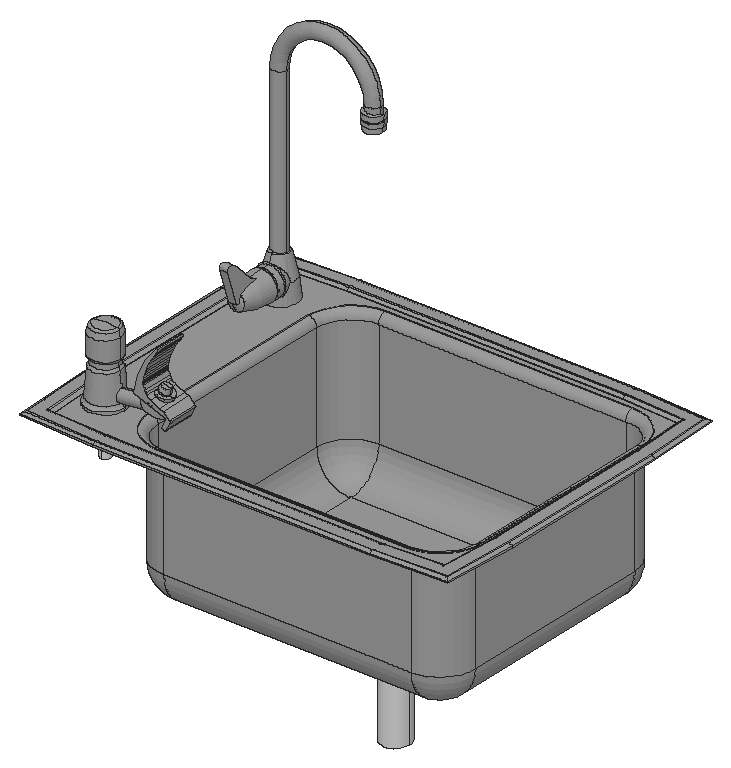
Revit family "equip-sink-clsrm-elkay-s-lustrtne-drkr2217l-vrc", category Plumbing Fixtures, Revit 2019 (continued)
Definition of nested family "equip-bubbler-elkay-LK1141A"
  Automatic sketch dimensions
    plane 8 "Masking Region" to Extrusion 4 sketch curve = 0' - 0.50139"
    Extrusion 4 sketch curve to Extrusion 4 sketch curve = 0' - 0.06529"
    Extrusion 4 sketch curve to Extrusion 4 sketch curve = 0' - 0.05449"
    plane 8 "Masking Region" to Extrusion 4 sketch curve = 0' - 0.58523"
    Extrusion 4 sketch curve to Extrusion 4 sketch curve = 0' - 0.04973"
    Extrusion 4 sketch curve to Extrusion 4 sketch curve = 0' - 0.04077"
    Extrusion 4 sketch curve to Extrusion 4 sketch curve = 0' - 0.03095"
    plane 8 "Masking Region" to Extrusion 4 sketch curve = 0' - 0.79129"
    Extrusion 4 sketch curve to Extrusion 4 sketch curve = 0' - 0.0691"
    Extrusion 4 sketch curve to Extrusion 4 sketch curve = 0' - 0.02318"
    plane 8 "Masking Region" to Extrusion 4 sketch curve = 0' - 0.99254"
    Extrusion 4 sketch curve to Extrusion 4 sketch curve = 0' - 0.00573"
    plane 8 "Masking Region" to Extrusion 4 sketch curve = 0' - 0.84887"
    Extrusion 4 sketch curve to Extrusion 4 sketch curve = 0' - 0.00775"
    plane 8 "Masking Region" to Extrusion 4 sketch curve = 0' - 0.94879"
    Extrusion 4 sketch curve to Extrusion 4 sketch curve = 0' - 0.00346"
    plane 8 "Masking Region" to Extrusion 4 sketch curve = 0' - 0.90116"
    Extrusion 4 sketch curve to Extrusion 4 sketch curve = 0' - 0.00067"
    plane 8 "Masking Region" to Extrusion 4 sketch curve = 0' - 0.29542"
    Extrusion 4 sketch curve to Extrusion 4 sketch curve = 0' - 0.54782"
    Extrusion 4 sketch curve to Extrusion 4 sketch curve = 0' - 0.037"
    Extrusion 4 sketch curve to Extrusion 4 sketch curve = 0' - 0.01821"
    Extrusion 4 sketch curve to Extrusion 4 sketch curve = 0' - 0.08332"
    Extrusion 4 sketch curve to Extrusion 4 sketch curve = 0' - 0.04079"
    Extrusion 4 sketch curve to Extrusion 4 sketch curve = 0' - 0.11952"
    Extrusion 4 sketch curve to Extrusion 4 sketch curve = 0' - 0.1288"
    Extrusion 4 sketch curve to Extrusion 4 sketch curve = 0' - 0.13956"
    Extrusion 4 sketch curve to Extrusion 4 sketch curve = 0' - 0.15222"
    Extrusion 4 sketch curve to Extrusion 4 sketch curve = 0' - 0 33/128"
    Extrusion 4 sketch curve to Extrusion 4 sketch curve = 0' - 0.2453"
    Extrusion 4 sketch curve to Extrusion 4 sketch curve = 0' - 0.2277"
    Extrusion 4 sketch curve to Extrusion 4 sketch curve = 0' - 0.02776"
    Extrusion 4 sketch curve to Extrusion 4 sketch curve = 0' - 0.0293"
    Extrusion 4 sketch curve to Extrusion 4 sketch curve = 0' - 0.02797"
    Extrusion 4 sketch curve to Extrusion 4 sketch curve = 0' - 0.02645"
    Extrusion 4 sketch curve to Extrusion 4 sketch curve = 0' - 0.1387"
    Extrusion 4 sketch curve to Extrusion 4 sketch curve = 0' - 0.03586"
    Extrusion 4 sketch curve to Extrusion 4 sketch curve = 0' - 0.01837"
    plane 8 "Masking Region" to Revolve 3 sketch curve = 0' - 0.60143"
    Revolve 3 sketch curve to plane 6 = 0' - 2.55789"
    plane 8 "Masking Region" to Revolve 3 sketch curve = 0' - 0.67547"
    Revolve 3 sketch curve to Revolve 3 sketch curve = 0' - 0.20343"
    plane 8 "Masking Region" to Revolve 3 sketch curve = 0' - 0.00034"
    Revolve 3 sketch curve to Revolve 3 sketch curve = 0' - 0.21399"
    plane 8 "Masking Region" to Revolve 3 sketch curve = 0' - 0.48632"
    Revolve 3 sketch curve to Revolve 3 sketch curve = 0' - 0.13244"
    Revolve 3 sketch curve to plane 8 "Masking Region" = 0' - 0.41205"
    Revolve 3 sketch curve to Revolve 3 sketch curve = 0' - 0.14681"
    plane 8 "Masking Region" to Revolve 3 sketch curve = 0' - 0.41207"
    Revolve 3 sketch curve to Revolve 3 sketch curve = 0' - 0.02702"
    Revolve 3 sketch curve to plane 8 "Masking Region" = 0' - 0.52147"
    Revolve 3 sketch curve to Revolve 3 sketch curve = 0' - 0.03895"
    plane 8 "Masking Region" to Revolve 3 sketch curve = 0' - 0.47756"
    plane 8 "Masking Region" to Revolve 3 sketch curve = 0' - 0.18859"
    Revolve 3 sketch curve to plane 8 "Masking Region" = 0' - 0.54909"
    Revolve 3 sketch curve to Revolve 3 sketch curve = 0' - 0.27066"
    plane 8 "Masking Region" to Revolve 3 sketch curve = 0' - 0.2938"
    Revolve 3 sketch curve to plane 8 "Masking Region" = 0' - 0.13403"
    Revolve 3 sketch curve to Revolve 3 sketch curve = 0' - 0.15571"
    radius of Sweep 2 sketch curve = 0' - 0 5/16"
    radius of curve 4 = 0' - 0.75014"
  Connectors (in)
    piping at (0, 0, -2.396449), diameter 0.5, driven by "Nominal Radius", driven by "CW Flow Rate"
      settings: on Extrusion 5, index 1, connector inside diameter 1/2", connector length 0' - 0", flow factor 0, pipe flow 2 GPM, pressure drop 0.00 psi, fitting loss kfactor 0, connector angle 0.00°, fixture units 0, engagement length 0' - 0", angle of deflection 0.00°, flow configuration 1, flow direction 1, fitting loss method 0, system type 29, joint type 0, gender type 0, connector reference index -1, connector utility 0, adjustable connector no, is connector primary yes, connector description "Cold Water Supply"
Definition of nested family "equip-faucet-elkay-LKD208513-L"
  Parameters
    Type Comments = ""
    Stem Material = none
    OmniClass Title = "Mixing Faucets"
    OmniClass Code = "23.45.55.17"
    Nominal Radius = Nominal Dia / 2  # 0' - 0 3/16"
    Nominal Dia = 0' - 0 3/8"
    Model = ""
    MasterFormat Title = "Commercial Faucets"
    MasterFormat Number = "22 42 39"
    Manufacturer = "Elkay"
    Keynote = ""
    HW Flow Rate = 2 GPM
    Faucet Material = none
    Description = ""
    Default Elevation = 3' - 0"
    Cost = 0
    CW Flow Rate = 2 GPM
    Assembly Code = "D2010900"
  Reference planes (in)
    plane 1 "Center (Front/Back)": y = 0
    plane 2 "Sink Deck": z = 0
    plane 3 "Center (Left/Right)": x = 0
    plane 4 "Bottom of Stem": z = -2.12225
    plane 5 "Masking Region": z = 1.25
    plane 6 "CL Back Conn": y = 0.2499908
    plane 7 "CL Front Conn": y = -0.2500092
    plane 8 "Back": y = 0.8717634
    plane 9 "Front": y = -0.8748039
    plane 10 "Right": x = 2.8962735
    plane 11 "Left": x = -2.8962735
  Forms (in)
    Sweep 1, solid, material <- "Faucet Material"
      path origin (0, 0, 0) x (0, 1, 0) y (0, 0, 1)
        loop
          line (0, 2.125) -> (0, 10.3750001)
          arc (0, 10.3750001) -> (-2.3752703, 12.75) -> (-4.7499999, 10.3744594) r 2.375
          line (-4.7499999, 10.3744594) -> (-4.7499999, 9.5941003)
      profile origin (0, 0, 6.25) x (0, -1, 0) y (1, 0, 0)
        loop
          circle (0, 0) r 0.375
    Revolve 2, solid, material <- "Faucet Material"
      sketch origin (0, 0, 0) x (1, 0, 0) y (0, 0, 1)
        loop
          line (0, 2.232) -> (0, 0) -> (0.8752501, 0)
          arc (0.8752501, 0) -> (0.8420182, 0.4847188) -> (0.7752433, 0.9659649) r 7
          arc (0.7752433, 0.9659649) -> (0.6469792, 1.5520504) -> (0.4690001, 2.125) r 7
          line (0.4690001, 2.125) -> (0.29525, 2.232) -> (0, 2.232)
        axis (0, 2.232) -> (0, 0)
      angle from 0 to 360
    Revolve 3, solid, material <- "Faucet Material"
      sketch origin (0, 0, 0) x (0, 1, 0) y (0, 0, 1)
        loop
          line (-4.7499999, 10.1878591) -> (-5.0554325, 10.1878591)
          arc (-5.0554325, 10.1878591) -> (-5.1404736, 10.0854811) -> (-5.2659999, 10.0412501) r 0.25
          line (-5.2659999, 10.0412501) -> (-5.266, 9.8112501) -> (-5.1775, 9.8112501) -> (-5.1775, 9.7152501) -> (-5.2625, 9.7152501) -> (-5.2625, 9.5302501) -> (-5.2307425, 9.5302501) -> (-5.2307425, 9.2652501) -> (-4.7499999, 9.2652501) -> (-4.7499999, 10.1878591)
        axis (-4.7499999, 10.1878591) -> (-4.7499999, 9.2652501)
      angle from 0 to 360
    Extrusion 4, solid, material <- "Stem Material"
      sketch origin (0, 0, 0) x (1, 0, 0) y (0, 1, 0)
        loop
          circle (0, -0.2500092) r 0.1875
      from -2.12225 to 0
    Extrusion 5, solid, material <- "Faucet Material"
      sketch origin (0, 0, 0) x (1, 0, 0) y (0, 0, 1)
        loop
          spline (-2.8962735, 2.6289157) -> (-2.9779129, 2.7023092) -> (-3.0612746, 2.7664581) -> (-3.143882, 2.8194563) -> (-3.2232804, 2.859729) -> (-3.2971108, 2.8860797) -> (-3.3631795, 2.8977255) -> (-3.4195233, 2.8943201) -> (-3.4644682, 2.875965) -> (-3.4966788, 2.8432054) -> (-3.5151979, 2.7970148) -> (-3.5194754, 2.7387654) -> (-3.5093841, 2.6701882)
          arc (-3.5093841, 2.6701882) -> (-3.2673467, 1.8076982) -> (-2.9532815, 0.96875) r 10.589852
          line (-2.9532815, 0.96875) -> (-1.7211454, 0.96875) -> (-1.7211454, 1.6265447) -> (-1.9586423, 1.7097506)
          arc (-1.9586423, 1.7097506) -> (-2.0664564, 1.762824) -> (-2.1584935, 1.8400887) r 0.5
          line (-2.1584935, 1.8400887) -> (-2.8962735, 2.6289157)
      from -0.2070313 to 0.2070313
    Revolve 6, solid, material <- "Faucet Material"
      sketch origin (0, 0, 0) x (1, 0, 0) y (0, 0, 1)
        loop
          line (-2.9532815, 0.96875) -> (-1.02025, 0.96875) -> (-1.02025, 1.49375) -> (-1.1349999, 1.49375) -> (-1.1349999, 1.73375)
          arc (-1.1349999, 1.73375) -> (-1.9602788, 1.6454009) -> (-2.7555227, 1.40775) r 4.5234572
          arc (-2.7555227, 1.40775) -> (-2.8568974, 1.189374) -> (-2.9532815, 0.96875) r 10.589852
        axis (-2.9532815, 0.96875) -> (-1.02025, 0.96875)
      angle from 0 to 360
    Extrusion 7, solid, material <- "Stem Material"
      sketch origin (0, 0, 0) x (1, 0, 0) y (0, 1, 0)
        loop
          circle (0, 0.2499908) r 0.1875
      from -2.12225 to 0
    Revolve 8, solid, material <- "Faucet Material"
      sketch origin (0, 0, 0) x (1, 0, 0) y (0, 0, 1)
        loop
          line (-1.02025, 0.96875) -> (0, 0.96875) -> (0, 1.6286896) -> (-0.5804985, 1.7627082)
          arc (-0.5804985, 1.7627082) -> (-0.615052, 1.7310048) -> (-0.660637, 1.7200021) r 0.09375
          arc (-0.660637, 1.7200021) -> (-0.840466, 1.7205601) -> (-1.02025, 1.7164984) r 7
          line (-1.02025, 1.7164984) -> (-1.02025, 0.96875)
        axis (-1.02025, 0.96875) -> (0, 0.96875)
      angle from 0 to 360
  Cuts and joins
    joined: Extrusion 5, Revolve 6
    joined: Revolve 2, Revolve 8
  Lines and regions (in)
    Masking region 1
      outline origin (0, 0, 1.25) x (0, -1, 0) y (1, 0, 0)
        loop
          arc (0.7920052, 0.3718698) -> (-0.8717634, -0.0008665) -> (0.7927429, -0.3702945) r 0.8734425
          arc (0.7927429, -0.3702945) -> (0.8748039, 0.0008696) -> (0.7920052, 0.3718698) r 0.876483
    Masking region 2
      outline origin (0, 0, 1.25) x (0, -1, 0) y (1, 0, 0)
        loop
          arc (0, 0.375) -> (-0.375, 0) -> (0, -0.375) r 0.375
          line (0, -0.375) -> (4.4325976, -0.375)
          arc (4.4325976, -0.375) -> (5.271116, 0) -> (4.4325976, 0.375) r 0.5031124
          line (4.4325976, 0.375) -> (0, 0.375)
    Masking region 3
      outline origin (0, 0, 1.25) x (0, -1, 0) y (1, 0, 0)
        loop
          line (0.525, -1.02025) -> (0.748021, -1.02025) -> (0.7508321, -0.6354943)
          arc (0.7508321, -0.6354943) -> (0.7633642, -0.5985315) -> (0.7954714, -0.5763407) r 0.0621162
          line (0.7954714, -0.5763407) -> (0.7688415, -0.3997583)
          arc (0.7688415, -0.3997583) -> (-0.0004519, -0.8667545) -> (-0.768544, -0.397785) r 0.8653064
          line (-0.768544, -0.397785) -> (-0.7954714, -0.5763407)
          arc (-0.7954714, -0.5763407) -> (-0.7633642, -0.5985315) -> (-0.7508321, -0.6354943) r 0.0621162
          line (-0.7508321, -0.6354943) -> (-0.748021, -1.02025) -> (-0.525, -1.02025) -> (-0.525, -1.1349999) -> (-0.765, -1.1349999)
          arc (-0.765, -1.1349999) -> (-0.6767038, -1.9602911) -> (-0.4389654, -2.7555157) r 4.5192596
          line (-0.4389654, -2.7555157) -> (-0.2070313, -2.8630131) -> (0.2070313, -2.8630131) -> (0.4389654, -2.7555157)
          arc (0.4389654, -2.7555157) -> (0.6767038, -1.9602911) -> (0.765, -1.1349999) r 4.5192596
          line (0.765, -1.1349999) -> (0.525, -1.1349999) -> (0.525, -1.02025)
    Masking region 4
      outline origin (0, 0, 1.25) x (0, -1, 0) y (1, 0, 0)
        loop
          line (0.2070313, -3.5197715) -> (0.2070313, -1.4017801) -> (-0.2070312, -1.4017801) -> (-0.2070312, -3.5197715) -> (0.2070313, -3.5197715)
    reference lines, not visible
      curve 1: line (0, 0, 0.2813991) -> (0, 0, 2.8483181)
      curve 2: line (0, 0, 2.4508523) -> (0, 0, 0.2813991)
      curve 3: line (0, 0, 2.4508523) -> (0, 0, 0.2813991)
      curve 4: line (0, 0, 7.0063991) -> (0, 0, 0.2813991)
      curve 5: line (0, 0, 6.2563991) -> (0, 0, 0.2813991)
      curve 6: line (0, 0, 2.6763937) -> (0, 0, 1.3263991)
      curve 7: line (0, 0, 2.9662485) -> (0, 0, 0.2813991)
      curve 8: line (0, 0, 3.4210792) -> (0, 0, 0.2813991)
      curve 10: line (0, 0, 0.2813991) -> (0, 0, 2.8483181)
      curve 11: line (0, 0, 2.4508523) -> (0, 0, 0.2813991)
      curve 12: line (0, 0, 2.4508523) -> (0, 0, 0.2813991)
      curve 13: line (0, 0, 7.0063991) -> (0, 0, 0.2813991)
      curve 14: line (0, 0, 6.2563991) -> (0, 0, 0.2813991)
      curve 15: line (0, 0, 2.6763937) -> (0, 0, 1.3263991)
      curve 16: line (0, 0, 2.9662485) -> (0, 0, 0.2813991)
      curve 17: line (0, 0, 3.4210792) -> (0, 0, 0.2813991)
    symbolic lines
      curve 9: arc (0.375, -0.3283046, 1.25) -> (0, 0.4984063, 1.25) -> (-0.375, -0.3283046, 1.25) r 0.4984063
      curve 18: line (-0.5756114, -0.7954714, 1.25) -> (-0.5756114, -0.6480323, 1.25)
      curve 19: line (-1.02025, 0.525, 1.25) -> (-1.02025, -0.525, 1.25)
      curve 20: line (-1.1349999, 0.525, 1.25) -> (-1.1349999, -0.525, 1.25)
      curve 21: line (-0.5756114, 0.7954714, 1.25) -> (-0.5756114, 0.6480323, 1.25)
      curve 24: line (0.375, -4.7693411, 0) -> (0.375, -4.4325976, 0)
      curve 25: arc (-0.375, -4.7693411, 0) -> (0, -5.1443411, 0) -> (0.375, -4.7693411, 0) r 0.375
      curve 26: line (-0.375, -4.4325976, 0) -> (-0.375, -4.7693411, 0)
    reference lines
      curve 22: circle (0, 0.2499908, 0) r 0.1875 normal (0, 0, 1)
      curve 23: circle (0, -0.2500092, 0) r 0.1875 normal (0, 0, 1)
  Dimensions and locks (in)
    locked: plane 5 "Masking Region" to plane 2 "Sink Deck" at 1.25
    "Nominal Radius": radius of curve 22
    "Nominal Radius": radius of curve 23
    aligned and locked: Extrusion 4 sketch curve to curve 23
    aligned and locked: Extrusion 7 sketch curve to curve 22
    aligned and locked: Extrusion 7 to plane 4 "Bottom of Stem"
    aligned and locked: Extrusion 4 to plane 4 "Bottom of Stem"
    aligned and locked: plane 2 "Sink Deck" to Extrusion 7
    aligned and locked: plane 2 "Sink Deck" to Extrusion 4
  Automatic sketch dimensions
    curve 23 to plane 3 "Center (Left/Right)" = 0' - 0"
    curve 22 to plane 3 "Center (Left/Right)" = 0' - 0"
    curve 23 to plane 7 "CL Front Conn" = 0' - 0"
    curve 22 to plane 6 "CL Back Conn" = 0' - 0"
    curve 1 to plane 1 "Center (Front/Back)" = 0' - 0"
    curve 2 to plane 1 "Center (Front/Back)" = 0' - 0"
    curve 3 to plane 1 "Center (Front/Back)" = 0' - 0"
    curve 4 to plane 1 "Center (Front/Back)" = 0' - 0"
    curve 5 to plane 1 "Center (Front/Back)" = 0' - 0"
    curve 6 to plane 1 "Center (Front/Back)" = 0' - 0"
    curve 7 to plane 1 "Center (Front/Back)" = 0' - 0"
    curve 8 to plane 1 "Center (Front/Back)" = 0' - 0"
    curve 10 to plane 1 "Center (Front/Back)" = 0' - 0"
    curve 11 to plane 1 "Center (Front/Back)" = 0' - 0"
    curve 12 to plane 1 "Center (Front/Back)" = 0' - 0"
    curve 13 to plane 1 "Center (Front/Back)" = 0' - 0"
    curve 14 to plane 1 "Center (Front/Back)" = 0' - 0"
    curve 15 to plane 1 "Center (Front/Back)" = 0' - 0"
    curve 16 to plane 1 "Center (Front/Back)" = 0' - 0"
    curve 17 to plane 1 "Center (Front/Back)" = 0' - 0"
    level to curve 1 = 0' - 0.2814"
    curve 16 to curve 1 = 0' - 0"
    curve 14 to curve 16 = 0' - 0"
    curve 2 to curve 14 = 0' - 0"
    curve 13 to curve 14 = 0' - 0"
    curve 3 to curve 2 = 0' - 0"
    curve 12 to curve 13 = 0' - 0"
    curve 4 to curve 2 = 0' - 0"
    curve 11 to curve 12 = 0' - 0"  (x2)
    curve 5 to curve 4 = 0' - 0"
    curve 10 to curve 1 = 0' - 0"  (x2)
    curve 8 to curve 2 = 0' - 0"
    curve 7 to curve 8 = 0' - 0"
    curve 17 to curve 11 = 0' - 0"
    plane 5 "Masking Region" to curve 6 = 0' - 0.0764"
    curve 15 to curve 6 = 0' - 0"  (x2)
    curve 6 to curve 3 = 0' - 1.12445"
    curve 12 to curve 3 = 0' - 0"
    curve 2 to curve 3 = 0' - 0"
    curve 2 to curve 6 = 0' - 0.22554"
    curve 6 to curve 1 = 0' - 0.17192"
    curve 1 to curve 16 = 0' - 0.11793"
    curve 7 to curve 16 = 0' - 0"
    curve 7 to curve 17 = 0' - 0.45483"
    curve 8 to curve 17 = 0' - 0"
    curve 8 to curve 5 = 0' - 2.83532"
    curve 14 to curve 5 = 0' - 0"
    curve 5 to curve 13 = 0' - 0 3/4"
    curve 4 to curve 13 = 0' - 0"
    Sweep 1 sketch curve to plane 1 "Center (Front/Back)" = 0' - 0"
    Sweep 1 sketch curve to Sweep 1 sketch curve = 0' - 2 3/8"
    plane 5 "Masking Region" to Sweep 1 sketch curve = 0' - 0 7/8"
    plane 5 "Masking Region" to Sweep 1 sketch curve = 0' - 8.3441"
    Sweep 1 sketch curve to Sweep 1 sketch curve = 0' - 0.78036"
    Sweep 1 sketch curve to plane 3 "Center (Left/Right)" = 0' - 0"
    Sweep 1 sketch curve to profile plane = 0' - 0"
    Revolve 2 sketch curve to Revolve 2 sketch curve = 0' - 0"  (x3)
    Revolve 2 sketch curve to level = 0' - 0"  (x2)
    Revolve 2 sketch curve to plane 3 "Center (Left/Right)" = 0' - 0"  (x2)
    Revolve 2 sketch curve to level = 0' - 0.23614"
    Revolve 2 sketch curve to plane 3 "Center (Left/Right)" = 0' - 6.12077"
    plane 3 "Center (Left/Right)" to Revolve 2 sketch curve = 0' - 0.29525"
    Revolve 2 sketch curve to Revolve 2 sketch curve = 0' - 0.17375"
    Revolve 2 sketch curve to plane 5 "Masking Region" = 0' - 0.28404"
    plane 3 "Center (Left/Right)" to Revolve 2 sketch curve = 0' - 0.77524"
    Revolve 2 sketch curve to Revolve 2 sketch curve = 0' - 0.107"
    Revolve 3 sketch curve to Revolve 3 sketch curve = 0' - 0.01732"
    Revolve 3 sketch curve to Revolve 3 sketch curve = 0' - 0"  (x3)
    Revolve 3 sketch curve to Revolve 3 sketch curve = 0' - 0.0035"
    Revolve 3 sketch curve to Revolve 3 sketch curve = 0' - 0.03176"
    Revolve 3 sketch curve to Revolve 3 sketch curve = 0' - 0.085"
    Revolve 3 sketch curve to Revolve 3 sketch curve = 0' - 0.22789"
    Revolve 3 sketch curve to Revolve 3 sketch curve = 0' - 0.30543"
    plane 5 "Masking Region" to Revolve 3 sketch curve = 0' - 8.01525"
    Revolve 3 sketch curve to Revolve 3 sketch curve = 0' - 0.265"
    Revolve 3 sketch curve to Revolve 3 sketch curve = 0' - 0.185"
    Revolve 3 sketch curve to Revolve 3 sketch curve = 0' - 0.05968"
    Revolve 3 sketch curve to Revolve 3 sketch curve = 0' - 0.096"
    Revolve 3 sketch curve to Revolve 3 sketch curve = 0' - 0.23"
    Revolve 3 sketch curve to Revolve 3 sketch curve = 0' - 0.14661"
    Masking region 1 sketch curve to plane 3 "Center (Left/Right)" = 0' - 0"
    Masking region 1 sketch curve to plane 1 "Center (Front/Back)" = 0' - 0.00168"
    plane 3 "Center (Left/Right)" to Masking region 1 sketch curve = 0' - 0"
    plane 1 "Center (Front/Back)" to Masking region 1 sketch curve = 0' - 0.00168"
    plane 1 "Center (Front/Back)" to Masking region 2 sketch curve = 0' - 0"
    plane 1 "Center (Front/Back)" to curve 9 = 0' - 0"
    curve 9 to plane 3 "Center (Left/Right)" = 0' - 0"
    plane 6 "CL Back Conn" to curve 20 = 0' - 0.27501"
    curve 20 to curve 19 = 0' - 0"  (x2)
    plane 6 "CL Back Conn" to curve 21 = 0' - 0.39804"
    curve 21 to curve 21 = 0' - 0.14744"
    curve 9 to plane 7 "CL Front Conn" = 0' - 0.0783"  (x2)
    curve 19 to plane 7 "CL Front Conn" = 0' - 0.27499"
    curve 9 to curve 18 = 0' - 0.31973"
    curve 18 to curve 18 = 0' - 0.14744"
    curve 9 to plane 3 "Center (Left/Right)" = 0' - 0 3/8"
    curve 18 to curve 9 = 0' - 0.20061"
    curve 21 to plane 3 "Center (Left/Right)" = 0' - 0.57561"
    curve 19 to curve 18 = 0' - 0.44464"
    curve 20 to curve 19 = 0' - 0.11475"
    Masking region 3 sketch curve to plane 3 "Center (Left/Right)" = 0' - 1.06891"  (x2)
    Masking region 3 sketch curve to Masking region 3 sketch curve = 0' - 0.01748"
    Masking region 3 sketch curve to Masking region 3 sketch curve = 0' - 0.02693"
    Masking region 3 sketch curve to Masking region 3 sketch curve = 0' - 0.06211"  (x2)
    Masking region 3 sketch curve to Masking region 3 sketch curve = 0' - 0.01698"  (x2)
    Masking region 3 sketch curve to Masking region 3 sketch curve = 0' - 0.22302"  (x2)
    plane 6 "CL Back Conn" to Masking region 3 sketch curve = 0' - 0.18897"
    Masking region 3 sketch curve to plane 6 "CL Back Conn" = 0' - 0 11/256"
    plane 1 "Center (Front/Back)" to Masking region 3 sketch curve = 0' - 0.00066"
    plane 7 "CL Front Conn" to Masking region 3 sketch curve = 0' - 0 11/256"
    Masking region 3 sketch curve to plane 7 "CL Front Conn" = 0' - 0.18896"
    Masking region 3 sketch curve to plane 7 "CL Front Conn" = 0' - 0.27499"
    Masking region 3 sketch curve to Masking region 3 sketch curve = 0' - 0.01801"
    Masking region 3 sketch curve to Masking region 3 sketch curve = 0' - 0.04464"
    Masking region 3 sketch curve to plane 3 "Center (Left/Right)" = 0' - 1.135"
    Masking region 3 sketch curve to Masking region 3 sketch curve = 0' - 0"
    Masking region 3 sketch curve to Masking region 3 sketch curve = 0' - 0.1075"
    Masking region 3 sketch curve to Masking region 3 sketch curve = 0' - 0.11475"  (x2)
    Masking region 3 sketch curve to Masking region 3 sketch curve = 0' - 0.3843"  (x2)
    Masking region 3 sketch curve to Masking region 3 sketch curve = 0' - 0.00045"  (x2)
    Masking region 3 sketch curve to Masking region 3 sketch curve = 0' - 0.17658"
    Masking region 3 sketch curve to Masking region 3 sketch curve = 0' - 0.17856"
    Masking region 4 sketch curve to plane 6 "CL Back Conn" = 0' - 0 11/256"
    plane 7 "CL Front Conn" to Masking region 4 sketch curve = 0' - 0 11/256"
    Masking region 4 sketch curve to plane 3 "Center (Left/Right)" = 0' - 3.51977"
    Masking region 4 sketch curve to plane 3 "Center (Left/Right)" = 0' - 1.40178"
    Masking region 3 sketch curve to plane 1 "Center (Front/Back)" = 0' - 0.525"
    Masking region 3 sketch curve to Masking region 3 sketch curve = 0' - 0.00281"  (x2)
    Masking region 3 sketch curve to Masking region 3 sketch curve = 0' - 2.94083"  (x2)
    Sweep 1 sketch curve to plane 7 "CL Front Conn" = 0' - 2 1/8"
    Revolve 3 sketch curve to plane 7 "CL Front Conn" = 0' - 5.03331"
    Masking region 1 sketch curve to plane 7 "CL Front Conn" = 0' - 0.542"
    Masking region 1 sketch curve to plane 3 "Center (Left/Right)" = 0' - 0.37029"
    Revolve 8 sketch curve to plane 3 "Center (Left/Right)" = 0' - 0"
    Revolve 8 sketch curve to plane 3 "Center (Left/Right)" = 0' - 0.5805"
    Revolve 8 sketch curve to Revolve 8 sketch curve = 0' - 0.07864"
    Revolve 8 sketch curve to Revolve 8 sketch curve = 0' - 0.08014"
    Revolve 8 sketch curve to Revolve 8 sketch curve = 0' - 0"
    Revolve 8 sketch curve to plane 3 "Center (Left/Right)" = 0' - 0.77227"
    Revolve 8 sketch curve to Revolve 8 sketch curve = 0' - 0.35961"
    Revolve 8 sketch curve to plane 5 "Masking Region" = 0' - 0 9/32"  (x2)
    plane 11 "Left" to Revolve 8 sketch curve = 0' - 2.89627"
    plane 11 "Left" to Revolve 8 sketch curve = 0' - 1.87602"
    plane 5 "Masking Region" to Revolve 8 sketch curve = 0' - 0.37869"
    Revolve 8 sketch curve to plane 4 "Bottom of Stem" = 0' - 3.15686"
    plane 5 "Masking Region" to Revolve 8 sketch curve = 0' - 0.4665"
    Revolve 6 sketch curve to plane 11 "Left" = 0' - 0.05701"
    Revolve 6 sketch curve to Revolve 6 sketch curve = 0' - 0"  (x2)
    plane 11 "Left" to Revolve 6 sketch curve = 0' - 0.14075"
    plane 5 "Masking Region" to Revolve 6 sketch curve = 0' - 0.24375"
    Revolve 6 sketch curve to plane 3 "Center (Left/Right)" = 0' - 1.135"
    Revolve 6 sketch curve to plane 4 "Bottom of Stem" = 0' - 0.66696"
    Revolve 6 sketch curve to plane 3 "Center (Left/Right)" = 0' - 1.06817"
    Revolve 6 sketch curve to Revolve 6 sketch curve = 0' - 0.11475"  (x2)
    Revolve 6 sketch curve to plane 4 "Bottom of Stem" = 0' - 1.0379"
    Revolve 6 sketch curve to plane 10 "Right" = 0' - 3.90222"
    Revolve 6 sketch curve to plane 5 "Masking Region" = 0' - 0 9/32"
    Extrusion 5 sketch curve to plane 11 "Left" = 0' - 0"
    Extrusion 5 sketch curve to plane 11 "Left" = 0' - 0.13961"
    Extrusion 5 sketch curve to Extrusion 5 sketch curve = 0' - 0.4735"
    Extrusion 5 sketch curve to plane 5 "Masking Region" = 0' - 0 9/32"
    plane 11 "Left" to Extrusion 5 sketch curve = 0' - 0.3035"
    Extrusion 5 sketch curve to Extrusion 5 sketch curve = 0' - 0.43428"
    Extrusion 5 sketch curve to Extrusion 5 sketch curve = 0' - 0.19985"
    Extrusion 5 sketch curve to Extrusion 5 sketch curve = 0' - 0.36517"
    Extrusion 5 sketch curve to Extrusion 5 sketch curve = 0' - 0.2375"
    Extrusion 5 sketch curve to plane 10 "Right" = 0' - 3.90222"
    plane 5 "Masking Region" to Extrusion 5 sketch curve = 0' - 0.37654"
    Extrusion 5 sketch curve to Extrusion 5 sketch curve = 0' - 0.08321"
    Extrusion 5 sketch curve to Extrusion 5 sketch curve = 0' - 0.13034"
    Extrusion 5 sketch curve to Extrusion 5 sketch curve = 0' - 0.07775"
    Extrusion 5 sketch curve to Extrusion 5 sketch curve = 0' - 0.23774"
    Extrusion 5 sketch curve to plane 11 "Left" = 0' - 0.05701"
    Masking region 2 sketch curve to plane 3 "Center (Left/Right)" = 0' - 0"  (x2)
    Masking region 2 sketch curve to plane 3 "Center (Left/Right)" = 0' - 0 3/8"
    Masking region 2 sketch curve to plane 9 "Front" = 0' - 3.55779"
    Masking region 2 sketch curve to Masking region 2 sketch curve = 0' - 0.33541"
    curve 25 to plane 3 "Center (Left/Right)" = 0' - 0"
    curve 25 to curve 25 = 0' - 0 3/8"
    curve 25 to plane 9 "Front" = 0' - 3 229/256"
    curve 24 to curve 24 = 0' - 0.33674"
    curve 25 to curve 26 = 0' - 0.33674"
    radius of Sweep 1 sketch curve = 0' - 0 3/8"
  Connectors (in)
    piping at (0, -0.2500092, -2.12225), diameter 0.375, driven by "Nominal Radius", driven by "HW Flow Rate"
      settings: on Extrusion 4, index 1, connector inside diameter 3/8", connector length 0' - 0", flow factor 0, pipe flow 2 GPM, pressure drop 0.00 psi, fitting loss kfactor 0, connector angle 0.00°, fixture units 0, engagement length 0' - 0", angle of deflection 0.00°, flow configuration 1, flow direction 1, fitting loss method 0, system type 29, joint type 0, gender type 0, connector reference index -1, connector utility 0, adjustable connector no, is connector primary yes, connector description "Hot Water Supply"
    piping at (0, 0.2499908, -2.12225), diameter 0.375, driven by "CW Flow Rate", driven by "Nominal Radius"
      settings: on Extrusion 7, index 2, connector inside diameter 3/8", connector length 0' - 0", flow factor 0, pipe flow 2 GPM, pressure drop 0.00 psi, fitting loss kfactor 0, connector angle 0.00°, fixture units 0, engagement length 0' - 0", angle of deflection 0.00°, flow configuration 1, flow direction 1, fitting loss method 0, system type 29, joint type 0, gender type 0, connector reference index -1, connector utility 0, adjustable connector no, is connector primary no, connector description "Cold Water Supply"
Definition of nested family "equip-drain-elkay-LKVR18"
  Parameters
    Type Comments = ""
    Stem Material = none
    OmniClass Title = "Drains (Wastes)"
    OmniClass Code = "23.45.55.21"
    Model = "LKVR18"
    MasterFormat Title = "Plumbing"
    MasterFormat Number = "22 00 00"
    Manufacturer = "Elkay"
    Keynote = ""
    Drain Material = none
    Description = ""
    Default Elevation = 0' - 0"
    Cost = 0
    Assembly Code = "D2030400"
  Reference planes (in)
    plane 1 "Center (Front/Back)": y = 0
    plane 2 "Sink Bowl Bottom (Top Face)": z = 0
    plane 3 "Center (Left/Right)": x = 0
    plane 4 "Bottom of Pipe Extension": z = -6.5336009
    plane 5 "Bottom of Drain Basket": z = -0.9151735
    plane 6: y = -2.25
    plane 7: y = 2.25
    plane 8 "bottom of flange": z = -2.47094
  Forms (in)
    Extrusion 1, solid, material <- "Stem Material"
      sketch origin (0, 0, 0) x (1, 0, 0) y (0, 1, 0)
        loop
          circle (0, 0) r 0.71875
      from -6.5336009 to -2.47094
    Revolve 2, solid, material <- "Drain Material"
      sketch origin (-0.1792555, 0, 1.2308083) x (1, 0, 0) y (0, 0, 1)
        loop
          line (2.4292555, -1.2308083) -> (1.7338328, -1.2308083)
          arc (1.7338328, -1.2308083) -> (1.6523848, -1.2691946) -> (1.6192555, -1.3529187) r 0.122358
          line (1.6192555, -1.3529187) -> (1.6192555, -1.6208083)
          arc (1.6192555, -1.6208083) -> (1.5826438, -1.7091966) -> (1.4942555, -1.7458083) r 0.125
          line (1.4942555, -1.7458083) -> (1.1114716, -1.7458083)
          arc (1.1114716, -1.7458083) -> (0.9826253, -1.7991782) -> (0.9292555, -1.9280244) r 0.1822161
          line (0.9292555, -1.9280244) -> (0.9292555, -3.7017483) -> (1.0292555, -3.7017483) -> (1.0292555, -2.1798839) -> (1.3938284, -2.1798839)
          arc (1.3938284, -2.1798839) -> (1.5040476, -2.1542758) -> (1.5916868, -2.0826977) r 0.25
          line (1.5916868, -2.0826977) -> (1.8807394, -1.7089979) -> (2.0452407, -1.7089979)
          arc (2.0452407, -1.7089979) -> (2.1112736, -1.6936814) -> (2.1638213, -1.6508599) r 0.15
          line (2.1638213, -1.6508599) -> (2.3711702, -1.3827902) -> (2.3711702, -1.2685638) -> (2.4292555, -1.2308083)
        axis (0.1792555, -1.2308083) -> (0.1792555, -3.7017483)
      angle from 0 to 360
    Revolve 3, solid, material <- "Drain Material"
      sketch origin (-0.1792555, 0, 1.6075098) x (1, 0, 0) y (0, 0, 1)
        loop
          line (0.1792555, -1.6075098) -> (1.6421315, -1.6075098) -> (1.5921315, -1.3575098) -> (0.1792555, -1.3575098) -> (0.1792555, -1.6075098)
        axis (0.1792555, -1.3575098) -> (0.1792555, -1.6075098)
      angle from 0 to 360
  Lines and regions (in)
    Masking region 1
      outline origin (0, 0, 1.25) x (0, -1, 0) y (1, 0, 0)
        loop
          arc (0.7920052, 0.3718698) -> (-0.8717634, -0.0008665) -> (0.7927429, -0.3702945) r 0.8734425
          arc (0.7927429, -0.3702945) -> (0.8748039, 0.0008696) -> (0.7920052, 0.3718698) r 0.876483
    Masking region 2
      outline origin (0, 0, 0) x (1, 0, 0) y (0, 1, 0)
        loop
          circle (0, 0) r 2
        loop
          circle (0, 0) r 1.75
        loop
          circle (0, 0) r 0.8717638
        loop
          circle (0, 0) r 0.21875
        loop
          circle (0, 0) r 1.5
  Dimensions and locks (in)
    plane 2 "Sink Bowl Bottom (Top Face)" to plane 4 "Bottom of Pipe Extension" = 0' - 6.5336"
    locked: plane 6 to plane 7 at 4.5
    plane 6 to plane 1 "Center (Front/Back)" to plane 7 = 0' - 2 1/4", 0' - 2 1/4"
    plane 2 "Sink Bowl Bottom (Top Face)" to plane 8 "bottom of flange" = 0' - 2.47094"
    aligned and locked: Extrusion 1 to plane 4 "Bottom of Pipe Extension"
    aligned and locked: plane 8 "bottom of flange" to Extrusion 1
Definition of nested family "plan-detail-faucet-elkay-LKD208513-l"
  Reference planes (in)
    plane 1 "Center (Front/Back)": y = 0
    plane 2: z = 0
    plane 3 "Center (Left/Right)": x = 0
  Lines and regions (in)
    Masking region 1, in view "Ref. Level"
      outline origin (0, 0, 0) x (1, 0, 0) y (0, 1, 0)
        loop
          line (0.375, -0.7905248) -> (0.375, 0)
          arc (0.375, 0) -> (0, 0.375) -> (-0.375, 0) r 0.375
          line (-0.375, 0) -> (-0.375, -0.7905232)
          arc (-0.375, -0.7905232) -> (0.0000035, 0.8717638) -> (0.375, -0.7905248) r 0.8734425
    Masking region 2, in view "Ref. Level"
      outline origin (0, 0, 0) x (1, 0, 0) y (0, 1, 0)
        loop
          line (0.375, -4.7693411) -> (0.375, 0)
          arc (0.375, 0) -> (0, 0.375) -> (-0.375, 0) r 0.375
          line (-0.375, 0) -> (-0.375, -4.7693411)
          arc (-0.375, -4.7693411) -> (0, -5.1443411) -> (0.375, -4.7693411) r 0.375
    Masking region 3, in view "Ref. Level"
      outline origin (0, 0, 0) x (0, 1, 0) y (-1, 0, 0)
        loop
          line (0.2070312, 1.4978714) -> (0.2070312, 2.8012443) -> (-0.2070312, 2.8012443) -> (-0.2070312, 1.4978714) -> (0.2070312, 1.4978714)
    Masking region 4, in view "Ref. Level"
      outline origin (0, 0, 0) x (0, 1, 0) y (-1, 0, 0)
        loop
          line (0.2070312, 1.4017801) -> (0.2070312, 3.5197715) -> (-0.2070312, 3.5197715) -> (-0.2070312, 1.4017801) -> (0.2070312, 1.4017801)
    Masking region 5, in view "Ref. Level"
      outline origin (0, 0, 0) x (0, 1, 0) y (-1, 0, 0)
        loop
          line (0.750137, 1.02025) -> (0.5247903, 1.02025) -> (0.5247903, 1.1349999) -> (0.765, 1.1349999)
          arc (0.765, 1.1349999) -> (0.6767038, 1.9602911) -> (0.4389654, 2.7555157) r 4.5192596
          line (0.4389654, 2.7555157) -> (0.2070312, 2.8630131) -> (0.2070312, 1.4017801) -> (-0.2070313, 1.4017801) -> (-0.2070313, 2.8630131) -> (-0.4389654, 2.7555157)
          arc (-0.4389654, 2.7555157) -> (-0.6767038, 1.9602911) -> (-0.765, 1.1349999) r 4.5192596
          line (-0.765, 1.1349999) -> (-0.5247903, 1.1349999) -> (-0.5247903, 1.02025) -> (-0.750137, 1.02025) -> (-0.7508305, 0.6359481)
          arc (-0.7508305, 0.6359481) -> (-0.7632278, 0.5987129) -> (-0.7954714, 0.5763407) r 0.0621162
          line (-0.7954714, 0.5763407) -> (-0.7709421, 0.4136872)
          arc (-0.7709421, 0.4136872) -> (0.0011012, 0.8734398) -> (0.7702024, 0.4087821) r 0.8734425
          line (0.7702024, 0.4087821) -> (0.7954714, 0.5763407)
          arc (0.7954714, 0.5763407) -> (0.7632278, 0.5987129) -> (0.750137, 0.6359481) r 0.0621162
          line (0.750137, 0.6359481) -> (0.750137, 1.02025)
    detail lines, in view "Ref. Level"
      curve 1: arc (0.375, -0.3323995, 0) -> (0.0000042, 0.4983213, 0) -> (-0.375, -0.3323957, 0) r 0.5
      curve 2: arc (-0.375, -4.7732474, 0) -> (0, -5.1482474, 0) -> (0.375, -4.7732474, 0) r 0.375
      curve 3: arc (-0.375, -4.4325976, 0) -> (0, -5.271116, 0) -> (0.375, -4.4325976, 0) r 0.5031124
      curve 4: line (-1.02025, -0.5247903, 0) -> (-1.02025, 0.5247903, 0)
      curve 5: line (-1.1349999, -0.5247903, 0) -> (-1.1349999, 0.5247903, 0)
      curve 6: line (-0.5763407, -0.7954714, 0) -> (-0.5763407, -0.6579829, 0)
      curve 7: line (-0.5763407, 0.7954714, 0) -> (-0.5763407, 0.6546254, 0)
Definition of nested family "plan-detail-bubbler-elkay-LKV1141A"
  Parameters
    Assembly Code = ""
  Reference planes (in)
    plane 1 "Center (Front/Back)": y = 0
    plane 2: z = 0
    plane 3 "Center (Left/Right)": x = 0
  Lines and regions (in)
    Masking region 1, in view "Ref. Level"
      outline origin (0, 0, 0) x (1, 0, 0) y (0, 1, 0)
        loop
          line (0.7800503, -3.9197519) -> (0.7800503, -2.0645159) -> (0.3125, -2.0645159) -> (0.3125, -0.9184751)
          arc (0.3125, -0.9184751) -> (0, 0.9701818) -> (-0.3125, -0.9184751) r 0.9701818
          line (-0.3125, -0.9184751) -> (-0.3125, -2.0645159) -> (-0.7801168, -2.0645159) -> (-0.7801168, -3.9197519) -> (0.7800503, -3.9197519)
    detail lines, in view "Ref. Level"
      curve 1: arc (-0.3125, -0.9184751, 0) -> (0, -0.9701818, 0) -> (0.3125, -0.9184751, 0) r 0.9701818
      curve 2: line (-0.3125, -2.0645159, 0) -> (0.3125, -2.0645159, 0)
      curve 3: circle (0, 0, 0) r 0.75 normal (0, 0, 1)
